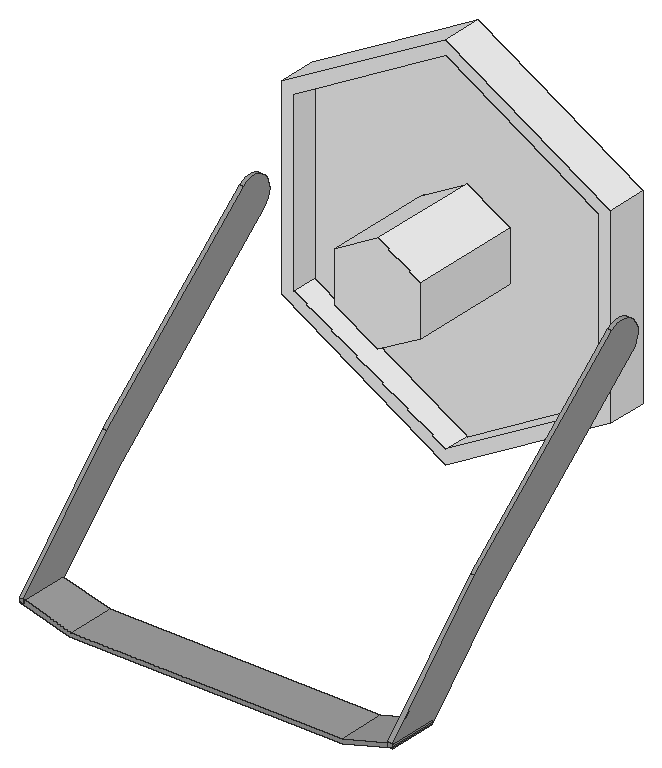
Revit family "Lighting-Floodlights-GEWISS-ESALITE-FL-LED_16K_DALI", category Apparecchi per illuminazione, host Superficie, Revit 2019 (continued)
Types (12, lengths in mm): name | Versions | Technical sheet | Optic | Numero poli | Nominal flux (lm) | built-in parameter 1150142 | Modello | Lumen output (lm) | IDT | File diagramma fotometrico | Descrizione | Colour temperature:
  GWS6435GD57K - ESALITE 16K ELL.5700K PRO+V.GR.DALI | "5700K cold light" | "https://www.gewiss.com/ww/en/search?q=GWS6435GD57K" | "Elliptical" | 1 | "17000" | "IESNA:LM-63-2002\r\n[TEST] GWS6435GD57K\r\n[TESTLAB] GEWISS\r\n[TESTDATE] 31 Aug 2018\r\n[ISSUEDATE] 31 Aug 2018\r\n[MANUFAC] GEWISS\r\n[LUMCAT] GWS6435GD57K\r\n[LUMINAIRE] ESALITE FL 16K+GLAS ELL. GR. DALI LED857\r\n[FLASHAREA] 0.030706\r\n[LAMPCAT] LED 125W/5700K - 13600lm\r\n[LAMP] LED 125W/5700K - 13600lm\r\nTILT=NONE\r\n1 13600.00 1.0 46 19 1 2 -0.402 -0.402 0.000\r\n1.00 1.00 125.00\r\n0.00 1.00 2.00 3.00 4.00 5.00 6.00 7.00 8.00 9.00 10.00 \r\n11.00 12.00 13.00 14.00 15.00 17.50 20.00 22.50 25.00 \r\n27.50 30.00 32.50 35.00 37.50 40.00 42.50 45.00 47.50 \r\n50.00 52.50 55.00 57.50 60.00 62.50 65.00 67.50 70.00 \r\n72.50 75.00 77.50 80.00 82.50 85.00 87.50 90.00 \r\n0.00 5.00 10.00 15.00 20.00 25.00 30.00 35.00 40.00 45.00 \r\n50.00 55.00 60.00 65.00 70.00 75.00 80.00 85.00 90.00 \r\n5423.27 5420.28 5423.14 5441.63 5490.05 5600.89 5782.86 \r\n6013.10 6233.42 6412.54 6496.58 6491.01 6471.29 6471.42 \r\n6481.35 6515.49 6640.47 6793.74 6995.57 7257.10 7653.67 \r\n8125.59 8189.51 8125.32 8106.69 8093.77 8070.65 7873.58 \r\n7274.23 6169.23 4664.39 3056.74 1753.58 1130.89 1149.92 \r\n1432.22 1228.37 698.73 463.65 366.34 274.42 208.90 149.49 \r\n85.74 29.74 1.97 \r\n5423.27 5423.95 5426.13 5443.13 5491.00 5599.26 5778.10 \r\n6006.98 6226.49 6407.50 6491.55 6487.20 6468.02 6463.67 \r\n6476.46 6510.73 6635.44 6795.92 6992.58 7254.24 7640.48 \r\n8095.26 8171.42 8130.22 8118.79 8118.93 8107.64 7936.69 \r\n7350.39 6222.27 4698.39 3066.53 1735.36 1119.18 1139.72 \r\n1419.43 1213.50 682.50 433.66 325.75 244.84 186.47 124.11 \r\n66.16 23.37 1.95 \r\n5423.27 5424.63 5424.77 5440.41 5487.46 5590.82 5764.77 \r\n5990.94 6212.07 6393.90 6485.70 6486.93 6466.12 6461.09 \r\n6474.55 6506.51 6635.71 6801.50 7013.52 7283.75 7648.23 \r\n8059.77 8174.01 8185.70 8199.44 8216.03 8220.79 8077.45 \r\n7517.26 6377.45 4839.97 3179.82 1792.89 1131.85 1130.68 \r\n1415.62 1199.62 668.60 419.55 312.23 233.97 169.97 111.13 \r\n61.60 22.58 1.93 \r\n5423.27 5423.14 5424.63 5436.74 5480.80 5578.86 5745.86 \r\n5965.50 6185.01 6376.22 6477.95 6488.15 6467.62 6461.22 \r\n6472.78 6507.60 6643.33 6825.02 7054.46 7338.02 7674.89 \r\n8045.08 8218.48 8287.98 8328.23 8349.99 8316.40 8145.45 \r\n7623.07 6567.17 5131.55 3558.03 2136.42 1268.57 1129.45 \r\n1398.35 1187.43 663.88 417.04 311.54 235.36 173.89 121.60 \r\n63.36 23.19 1.92 \r\n5423.27 5420.42 5422.59 5432.52 5471.69 5561.31 5717.30 \r\n5929.46 6147.34 6348.89 6471.97 6494.68 6474.55 6468.16 \r\n6477.95 6513.58 6655.16 6851.14 7097.02 7404.52 7732.82 \r\n8063.30 8277.78 8374.74 8391.34 8336.80 8165.44 7841.76 \r\n7335.02 6500.12 5321.14 3927.41 2550.95 1475.06 1111.84 \r\n1320.67 1169.87 648.75 403.05 307.92 229.79 170.69 117.89 \r\n70.47 27.61 1.89 \r\n5423.27 5422.59 5423.95 5433.34 5466.79 5547.44 5693.10 \r\n5895.74 6110.62 6319.78 6465.98 6513.04 6500.80 6490.06 \r\n6498.62 6533.58 6684.26 6895.61 7155.50 7474.70 7790.76 \r\n8050.93 8216.30 8213.04 8057.05 7760.43 7295.31 6691.74 \r\n6018.41 5305.50 4420.14 3316.50 2192.73 1318.66 972.51 \r\n1144.07 1086.11 609.85 390.10 298.45 218.21 149.97 97.45 \r\n61.22 29.00 1.85 \r\n5423.27 5423.95 5426.13 5434.02 5460.54 5529.62 5658.96 \r\n5847.86 6057.71 6275.99 6446.26 6526.91 6526.37 6516.30 \r\n6519.30 6549.62 6695.55 6906.62 7159.45 7438.11 7653.26 \r\n7726.98 7643.74 7329.31 6807.89 6131.97 5334.60 4500.51 \r\n3697.98 2984.38 2392.10 1850.69 1373.33 1027.74 852.30 \r\n920.48 900.61 542.14 370.87 282.00 203.55 135.88 88.63 \r\n54.76 22.53 1.82 \r\n5423.27 5423.95 5424.77 5428.98 5452.51 5510.99 5624.42 \r\n5797.82 6000.59 6221.86 6415.26 6533.58 6555.47 6543.91 \r\n6541.06 6563.77 6695.69 6884.86 7070.50 7192.36 7141.77 \r\n6851.41 6350.79 5617.48 4738.10 3837.51 2998.39 2306.56 \r\n1823.08 1532.99 1391.96 1320.72 1228.03 1069.38 874.94 \r\n750.54 669.87 478.53 349.86 269.28 195.84 139.59 90.92 \r\n53.91 21.59 1.74 \r\n5423.27 5421.78 5424.63 5425.99 5444.49 5494.81 5588.38 \r\n5742.33 5930.82 6148.42 6360.31 6511.41 6568.94 6564.18 \r\n6552.89 6567.85 6665.09 6776.47 6791.43 6616.13 6173.04 \r\n5440.00 4555.73 3600.19 2730.88 2076.86 1654.58 1445.14 \r\n1384.62 1379.58 1382.44 1375.37 1335.66 1206.25 985.66 \r\n741.85 558.27 435.06 340.71 268.27 200.37 151.25 101.35 \r\n53.86 20.68 1.66 \r\n5423.27 5424.63 5424.63 5427.49 5441.77 5483.25 5562.40 \r\n5689.56 5862.28 6070.09 6290.68 6476.18 6579.68 6599.67 \r\n6581.72 6576.01 6603.75 6563.63 6305.64 5750.08 4893.82 \r\n3854.92 2878.58 2150.57 1694.70 1463.50 1377.95 1380.13 \r\n1413.72 1442.28 1459.42 1460.10 1446.63 1365.98 1169.68 \r\n914.60 656.02 472.75 359.19 276.01 206.12 154.29 106.65 \r\n55.84 19.92 1.58 \r\n5423.27 5423.27 5421.78 5423.95 5434.56 5465.84 5528.94 \r\n5629.58 5773.61 5962.92 6175.76 6385.74 6532.49 6596.41 \r\n6585.66 6556.56 6471.29 6212.07 5627.14 4694.86 3570.00 \r\n2528.51 1866.46 1536.26 1399.44 1372.65 1379.72 1405.97 \r\n1450.03 1487.57 1505.93 1511.64 1505.93 1476.42 1389.92 \r\n1245.77 948.53 606.25 401.65 292.55 213.74 154.22 100.60 \r\n53.83 20.21 1.49 \r\n5423.27 5423.95 5423.95 5424.63 5434.56 5462.30 5512.62 \r\n5590.14 5705.20 5867.99 6066.14 6282.11 6463.40 6581.31 \r\n6600.49 6553.70 6306.73 5781.77 4873.15 3665.34 2517.77 \r\n1793.43 1484.98 1381.90 1372.65 1388.97 1402.43 1424.46 \r\n1460.78 1493.55 1501.30 1494.10 1488.52 1497.63 1553.53 \r\n1603.71 1273.12 769.71 473.74 329.60 235.89 175.71 111.14 \r\n58.64 21.02 1.40 \r\n5423.27 5421.10 5422.59 5422.59 5431.84 5453.19 5490.18 \r\n5549.34 5633.26 5759.33 5928.78 6137.54 6334.88 6499.44 \r\n6571.11 6521.06 6093.75 5296.79 4132.63 2812.34 1880.61 \r\n1525.78 1396.99 1371.42 1387.06 1405.56 1414.13 1419.16 \r\n1436.16 1451.80 1447.45 1425.42 1409.78 1453.70 1618.40 \r\n1811.38 1452.89 844.75 513.86 354.92 251.26 178.38 116.79 \r\n61.94 22.40 1.33 \r\n5423.27 5421.78 5423.27 5424.63 5435.38 5456.73 5491.54 \r\n5534.93 5595.45 5684.39 5813.32 5990.53 6185.55 6372.01 \r\n6485.84 6475.78 5905.26 4843.64 3493.98 2209.59 1599.50 \r\n1479.95 1403.93 1388.15 1401.75 1416.71 1416.58 1405.97 \r\n1401.07 1402.57 1391.82 1374.69 1368.30 1426.64 1646.01 \r\n1897.61 1499.13 857.98 537.76 364.30 248.72 181.71 118.06 \r\n61.79 22.34 1.32 \r\n5423.27 5420.42 5421.10 5422.46 5433.88 5453.87 5484.61 \r\n5516.70 5557.37 5611.63 5696.50 5824.88 5987.54 6163.93 \r\n6298.84 6324.68 5706.56 4433.19 2986.70 1851.10 1524.56 \r\n1528.78 1441.06 1410.46 1416.85 1423.92 1415.49 1394.00 \r\n1375.37 1371.83 1371.97 1368.43 1370.47 1438.47 1697.28 \r\n1987.10 1549.18 897.00 584.77 389.91 252.55 173.28 111.28 \r\n60.38 23.03 1.30 \r\n5423.27 5420.42 5421.10 5420.42 5433.20 5453.19 5478.76 \r\n5505.69 5532.75 5563.22 5606.60 5677.59 5777.14 5906.48 \r\n6020.72 6059.75 5496.03 4101.22 2623.58 1670.22 1538.43 \r\n1609.70 1480.90 1426.10 1422.56 1423.92 1412.63 1386.93 \r\n1361.36 1358.57 1372.10 1379.86 1385.57 1459.14 1744.61 \r\n2059.86 1619.35 974.18 664.59 429.42 276.28 175.25 118.63 \r\n61.55 23.85 1.34 \r\n5423.27 5423.27 5422.46 5423.95 5438.78 5460.13 5487.06 \r\n5512.62 5534.66 5555.33 5574.50 5602.11 5639.10 5697.99 \r\n5754.84 5766.81 5288.22 3934.07 2460.65 1619.90 1604.94 \r\n1707.07 1519.66 1450.85 1441.60 1434.53 1419.57 1394.00 \r\n1366.39 1360.68 1379.86 1395.50 1404.74 1487.02 1792.89 \r\n2123.78 1679.33 1060.23 788.00 533.07 335.04 193.35 \r\n117.18 59.35 23.20 1.38 \r\n5423.27 5421.10 5421.10 5423.27 5436.87 5461.22 5484.88 \r\n5511.26 5531.94 5548.39 5555.46 5556.82 5555.19 5544.45 \r\n5526.22 5482.30 5075.38 3938.29 2431.27 1612.69 1671.58 \r\n1796.70 1556.25 1469.62 1458.19 1440.10 1417.94 1392.78 \r\n1372.92 1365.85 1378.63 1397.26 1412.90 1505.38 1829.74 \r\n2162.94 1752.50 1167.82 887.25 705.31 469.59 242.09 \r\n100.13 56.58 21.81 1.45 \r\n5423.27 5418.92 5418.92 5421.78 5434.56 5457.41 5483.11 \r\n5507.32 5525.82 5540.10 5547.30 5542.95 5525.95 5488.96 \r\n5430.62 5348.06 4962.23 3949.44 2410.19 1601.67 1692.66 \r\n1823.76 1561.55 1470.43 1456.15 1433.44 1409.23 1383.53 \r\n1369.25 1365.03 1374.96 1389.24 1411.95 1510.69 1841.03 \r\n2171.78 1775.48 1227.47 950.49 799.75 561.67 244.20 96.54 \r\n56.79 21.53 1.44 \r\n" | "GWS6435GD57K" | "13600" | "1bc3b3ebcde24126a4a277674165b676" | "GWS6435GD57K.IES" | "ESALITE 16K ELL.5700K PRO+V.GR.DALI" | "5700 K (CRI>80)"
